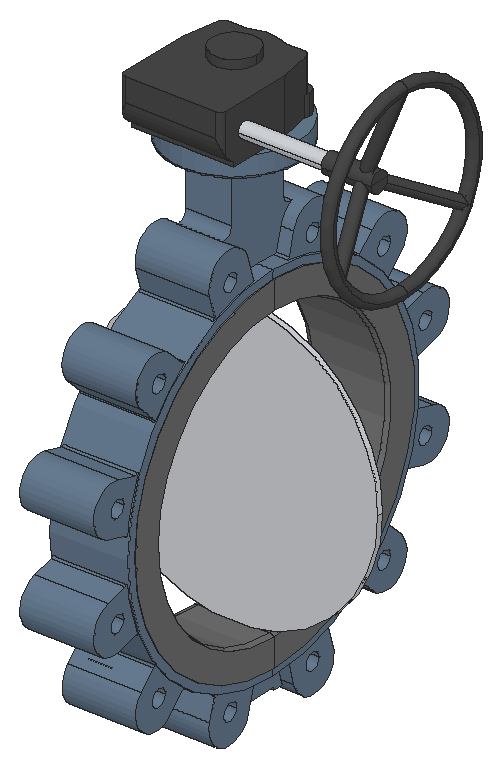
Revit family "Absperr- und Regulierklappe mit Getriebe AF-4219", category Rohrzubehör, Revit 2021 (continued)
Dimensions and locks
  "L01": Revolve 1 sketch curve to plane 3 "Mitte (Links/rechts)"
  "L02": plane 3 "Mitte (Links/rechts)" to Revolve 1 sketch curve  (x2)
  "D05": Revolve 6 sketch curve to plane 2
  "D04": Revolve 6 sketch curve to plane 2  (x2)
  "D02": Revolve 6 sketch curve to plane 2  (x2)
  "L03": plane 3 "Mitte (Links/rechts)" to Revolve 6 sketch curve
  "L02": Revolve 6 sketch curve to plane 3 "Mitte (Links/rechts)"
  "L03": Revolve 6 sketch curve to plane 3 "Mitte (Links/rechts)"
  "L01": plane 3 "Mitte (Links/rechts)" to Revolve 1 sketch curve
  "D02": Revolve 1 sketch curve to plane 2
  "L02": plane 3 "Mitte (Links/rechts)" to Revolve 6 sketch curve
  "D03": plane 2 to Revolve 6 sketch curve
  "L04": Revolve 6 sketch curve to plane 3 "Mitte (Links/rechts)" to Revolve 6 sketch curve
  "L01": curve 2 to plane 3 "Mitte (Links/rechts)" to curve 4
  equal spacing: curve 3, curve 6, curve 1
  equal spacing: curve 2, curve 6, curve 4
  "D01": curve 1 to plane 1 "Mitte (Vorne/hinten)" to curve 3
  "L01": curve 7 to curve 12 to curve 9
  "D01": curve 10 to curve 12 to curve 8
  "R99": radius of Revolve 2 sketch curve
  "D06": radius of Extrusion 7 sketch curve
  radius of curve 6 = 5 mm
  radius of curve 12 = 5 mm
  aligned and locked: level to plane 2
Automatic sketch dimensions
  Extrusion 3 sketch curve to Extrusion 3 sketch curve = 0 mm  (x20)
  Extrusion 3 sketch curve to level = 0 mm
  Extrusion 3 sketch curve to plane 1 "Mitte (Vorne/hinten)" = 0 mm
  plane 1 "Mitte (Vorne/hinten)" to Extrusion 3 sketch curve = 18.495 mm  (x2)
  Extrusion 3 sketch curve to Extrusion 3 sketch curve = 1.414 mm  (x16)
  Extrusion 3 sketch curve to Extrusion 3 sketch curve = 12.265 mm  (x8)
  Extrusion 3 sketch curve to level = 19.909 mm  (x2)
  Extrusion 3 sketch curve to Extrusion 3 sketch curve = 24.042 mm  (x8)
  level to Extrusion 3 sketch curve = 19.909 mm  (x2)
  Extrusion 3 sketch curve to Extrusion 3 sketch curve = 12.021 mm  (x12)
  Extrusion 3 sketch curve to plane 1 "Mitte (Vorne/hinten)" = 18.495 mm  (x2)
  Extrusion 3 sketch curve to Extrusion 3 sketch curve = 0.934 mm  (x4)
  Extrusion 4 sketch curve to level = 0 mm
  Extrusion 4 sketch curve to plane 1 "Mitte (Vorne/hinten)" = 0 mm
  plane 1 "Mitte (Vorne/hinten)" to Extrusion 4 sketch curve = 18.495 mm
  Extrusion 4 sketch curve to Extrusion 4 sketch curve = 1.414 mm  (x4)
  plane 1 "Mitte (Vorne/hinten)" to Extrusion 4 sketch curve = 20 mm
  Extrusion 4 sketch curve to Extrusion 4 sketch curve = 12.265 mm  (x2)
  Extrusion 4 sketch curve to Extrusion 4 sketch curve = 15 mm  (x2)
  Extrusion 4 sketch curve to Extrusion 4 sketch curve = 12.021 mm  (x4)
  Extrusion 4 sketch curve to plane 1 "Mitte (Vorne/hinten)" = 18.495 mm
  Extrusion 4 sketch curve to plane 1 "Mitte (Vorne/hinten)" = 20 mm
  level to Extrusion 4 sketch curve = 43.95 mm
  Extrusion 4 sketch curve to Extrusion 4 sketch curve = 0 mm
  Extrusion 4 sketch curve to Extrusion 4 sketch curve = 0.244 mm  (x2)
  Extrusion 4 sketch curve to Extrusion 4 sketch curve = 18.63 mm  (x2)
  Extrusion 4 sketch curve to Extrusion 4 sketch curve = 0.934 mm
  Extrusion 5 sketch curve to level = 0 mm
  Extrusion 5 sketch curve to plane 1 "Mitte (Vorne/hinten)" = 0 mm
  plane 1 "Mitte (Vorne/hinten)" to Extrusion 5 sketch curve = 15 mm
  Extrusion 5 sketch curve to Extrusion 5 sketch curve = 1.963 mm  (x2)
  Extrusion 5 sketch curve to Extrusion 5 sketch curve = 1.531 mm  (x2)
  Extrusion 5 sketch curve to Extrusion 5 sketch curve = 1.414 mm  (x4)
  Extrusion 5 sketch curve to Extrusion 5 sketch curve = 15.21 mm  (x2)
  Extrusion 5 sketch curve to Extrusion 5 sketch curve = 1.66 mm  (x2)
  Extrusion 5 sketch curve to Extrusion 5 sketch curve = 12.021 mm  (x3)
  Extrusion 5 sketch curve to plane 1 "Mitte (Vorne/hinten)" = 15 mm
  Extrusion 5 sketch curve to Extrusion 5 sketch curve = 1.037 mm  (x2)
  Extrusion 5 sketch curve to Extrusion 5 sketch curve = 1.4 mm  (x2)
  Extrusion 5 sketch curve to Extrusion 5 sketch curve = 1.785 mm  (x2)
  Extrusion 5 sketch curve to Extrusion 5 sketch curve = 12.635 mm  (x2)
  Extrusion 5 sketch curve to Extrusion 5 sketch curve = 0.934 mm
  Extrusion 5 sketch curve to Extrusion 5 sketch curve = 0.788 mm  (x2)
  Extrusion 5 sketch curve to Extrusion 5 sketch curve = 0 mm  (x2)
  Extrusion 4 sketch curve to Extrusion 4 sketch curve = 37.155 mm
  Extrusion 5 sketch curve to level = 43.95 mm
  Extrusion 8 sketch curve to Extrusion 8 sketch curve = 0 mm  (x12)
  Extrusion 8 sketch curve to level = 39.244 mm  (x2)
  plane 1 "Mitte (Vorne/hinten)" to Extrusion 8 sketch curve = 63.286 mm
  level to Extrusion 8 sketch curve = 39.244 mm  (x2)
  Extrusion 8 sketch curve to Extrusion 8 sketch curve = 9.19 mm  (x2)
  level to Extrusion 8 sketch curve = 28.614 mm  (x2)
  Extrusion 8 sketch curve to Extrusion 8 sketch curve = 1.441 mm  (x8)
  Extrusion 8 sketch curve to level = 28.614 mm  (x2)
  Extrusion 8 sketch curve to Extrusion 8 sketch curve = 12.021 mm  (x6)
  level to Extrusion 8 sketch curve = 63.286 mm  (x2)
  Extrusion 8 sketch curve to level = 63.286 mm  (x2)
  level to Extrusion 8 sketch curve = 52.636 mm  (x2)
  Extrusion 8 sketch curve to Extrusion 8 sketch curve = 10.65 mm  (x4)
  Extrusion 8 sketch curve to level = 52.636 mm  (x2)
  Extrusion 8 sketch curve to Extrusion 8 sketch curve = 1.414 mm  (x8)
  level to Extrusion 8 sketch curve = 0.001 mm  (x2)
  Extrusion 8 sketch curve to Extrusion 8 sketch curve = 28.594 mm
  Extrusion 8 sketch curve to level = 0.001 mm  (x2)
  Extrusion 8 sketch curve to Extrusion 8 sketch curve = 0.001 mm  (x2)
  Extrusion 8 sketch curve to Extrusion 8 sketch curve = 54.361 mm  (x2)
  Extrusion 8 sketch curve to Extrusion 8 sketch curve = 1.39 mm  (x2)
  Extrusion 8 sketch curve to Extrusion 8 sketch curve = 10.63 mm  (x2)
  Extrusion 8 sketch curve to Extrusion 8 sketch curve = 1.832 mm  (x2)
  Extrusion 9 sketch curve to Extrusion 9 sketch curve = 0 mm  (x5)
  Extrusion 9 sketch curve to level = 0 mm
  Extrusion 9 sketch curve to level = 51.265 mm
  plane 1 "Mitte (Vorne/hinten)" to Extrusion 9 sketch curve = 51.265 mm
  level to Extrusion 9 sketch curve = 51.265 mm
  Extrusion 9 sketch curve to Extrusion 9 sketch curve = 9.247 mm  (x3)
  Extrusion 9 sketch curve to level = 63.286 mm  (x2)
  Extrusion 9 sketch curve to Extrusion 9 sketch curve = 2.774 mm  (x4)
  level to Extrusion 9 sketch curve = 63.286 mm  (x2)
  Extrusion 9 sketch curve to Extrusion 9 sketch curve = 2.244 mm  (x2)
  Extrusion 9 sketch curve to Extrusion 9 sketch curve = 0.183 mm  (x2)
  level to Extrusion 9 sketch curve = 52.636 mm  (x2)
  Extrusion 9 sketch curve to Extrusion 9 sketch curve = 10.65 mm  (x3)
  Extrusion 9 sketch curve to level = 52.636 mm  (x2)
  Extrusion 9 sketch curve to Extrusion 9 sketch curve = 1.414 mm  (x8)
  Extrusion 9 sketch curve to Extrusion 9 sketch curve = 14.817 mm  (x2)
  Extrusion 9 sketch curve to Extrusion 9 sketch curve = 7.21 mm
  Extrusion 9 sketch curve to Extrusion 9 sketch curve = 1.971 mm
  Extrusion 9 sketch curve to Extrusion 9 sketch curve = 28.595 mm
  Extrusion 9 sketch curve to Extrusion 9 sketch curve = 36 mm
  Extrusion 9 sketch curve to Extrusion 9 sketch curve = 1.997 mm
  Extrusion 9 sketch curve to Extrusion 9 sketch curve = 44 mm
  Extrusion 9 sketch curve to Extrusion 9 sketch curve = 5.181 mm
  Extrusion 9 sketch curve to Extrusion 9 sketch curve = 7.184 mm
  Extrusion 9 sketch curve to Extrusion 9 sketch curve = 12.021 mm  (x2)
  Extrusion 9 sketch curve to Extrusion 9 sketch curve = 14.891 mm
  Extrusion 9 sketch curve to Extrusion 9 sketch curve = 6.473 mm
  Extrusion 9 sketch curve to Extrusion 9 sketch curve = 12.756 mm  (x2)
  Extrusion 9 sketch curve to Extrusion 9 sketch curve = 55.987 mm
  Extrusion 10 sketch curve to Extrusion 10 sketch curve = 0 mm  (x48)
  level to Extrusion 10 sketch curve = 14.909 mm  (x2)
  plane 1 "Mitte (Vorne/hinten)" to Extrusion 10 sketch curve = 80.416 mm
  Extrusion 10 sketch curve to level = 14.909 mm  (x2)
  Extrusion 10 sketch curve to Extrusion 10 sketch curve = 6.506 mm  (x6)
  Extrusion 10 sketch curve to level = 46.321 mm  (x2)
  level to Extrusion 10 sketch curve = 46.321 mm  (x2)
  Extrusion 10 sketch curve to level = 7.243 mm
  Extrusion 10 sketch curve to Extrusion 10 sketch curve = 13.321 mm
  level to Extrusion 10 sketch curve = 7.243 mm
  Extrusion 10 sketch curve to level = 9.076 mm  (x2)
  Extrusion 10 sketch curve to Extrusion 10 sketch curve = 0.759 mm  (x8)
  level to Extrusion 10 sketch curve = 9.076 mm  (x2)
  level to Extrusion 10 sketch curve = 40.487 mm  (x2)
  Extrusion 10 sketch curve to Extrusion 10 sketch curve = 14.082 mm  (x4)
  Extrusion 10 sketch curve to level = 40.487 mm  (x2)
  Extrusion 10 sketch curve to Extrusion 10 sketch curve = 0.758 mm  (x8)
  level to Extrusion 10 sketch curve = 67.405 mm  (x2)
  Extrusion 10 sketch curve to Extrusion 10 sketch curve = 6.243 mm  (x2)
  Extrusion 10 sketch curve to level = 67.405 mm  (x2)
  Extrusion 10 sketch curve to Extrusion 10 sketch curve = 10.245 mm  (x4)
  level to Extrusion 10 sketch curve = 53.322 mm  (x2)
  Extrusion 10 sketch curve to Extrusion 10 sketch curve = 1.831 mm  (x8)
  Extrusion 10 sketch curve to level = 53.322 mm  (x2)
  Extrusion 10 sketch curve to Extrusion 10 sketch curve = 15.706 mm  (x6)
  level to Extrusion 10 sketch curve = 80.416 mm  (x2)
  Extrusion 10 sketch curve to level = 80.416 mm  (x2)
  Extrusion 10 sketch curve to level = 66.335 mm  (x2)
  Extrusion 10 sketch curve to Extrusion 10 sketch curve = 5.832 mm  (x4)
  level to Extrusion 10 sketch curve = 66.335 mm  (x2)
  Extrusion 10 sketch curve to Extrusion 10 sketch curve = 1.833 mm  (x6)
  level to Extrusion 10 sketch curve = 0 mm
  Extrusion 10 sketch curve to Extrusion 10 sketch curve = 14.486 mm  (x2)
  Extrusion 10 sketch curve to Extrusion 10 sketch curve = 9.873 mm  (x2)
  Extrusion 10 sketch curve to Extrusion 10 sketch curve = 5.833 mm  (x2)
  Extrusion 10 sketch curve to Extrusion 10 sketch curve = 13.013 mm
  Extrusion 10 sketch curve to Extrusion 10 sketch curve = 14.081 mm  (x2)
  Extrusion 10 sketch curve to Extrusion 10 sketch curve = 1.973 mm  (x4)
  Extrusion 10 sketch curve to Extrusion 10 sketch curve = 1.544 mm  (x4)
  Extrusion 10 sketch curve to Extrusion 10 sketch curve = 1.243 mm  (x3)
  Extrusion 10 sketch curve to Extrusion 10 sketch curve = 0.211 mm  (x2)
  Extrusion 10 sketch curve to Extrusion 10 sketch curve = 0.002 mm  (x5)
  Extrusion 10 sketch curve to Extrusion 10 sketch curve = 0.213 mm  (x2)
  Extrusion 10 sketch curve to Extrusion 10 sketch curve = 41.076 mm
  Extrusion 10 sketch curve to level = 0 mm
  level to Extrusion 11 sketch curve = 100.814 mm
  plane 1 "Mitte (Vorne/hinten)" to Extrusion 11 sketch curve = 32 mm
  Extrusion 11 sketch curve to Extrusion 11 sketch curve = 1.385 mm
  Extrusion 11 sketch curve to Extrusion 11 sketch curve = 10 mm  (x2)
  Extrusion 11 sketch curve to level = 80.416 mm
  Extrusion 11 sketch curve to Extrusion 11 sketch curve = 15.706 mm  (x3)
  level to Extrusion 11 sketch curve = 80.416 mm  (x2)
  Extrusion 11 sketch curve to Extrusion 11 sketch curve = 1.409 mm
  Extrusion 11 sketch curve to level = 66.335 mm  (x2)
  Extrusion 11 sketch curve to Extrusion 11 sketch curve = 5.832 mm  (x3)
  level to Extrusion 11 sketch curve = 66.335 mm  (x2)
  Extrusion 11 sketch curve to Extrusion 11 sketch curve = 1.833 mm  (x4)
  level to Extrusion 11 sketch curve = 0.554 mm
  Extrusion 11 sketch curve to Extrusion 11 sketch curve = 9.076 mm
  Extrusion 11 sketch curve to level = 0.554 mm
  Extrusion 11 sketch curve to Extrusion 11 sketch curve = 0 mm  (x3)
  Extrusion 11 sketch curve to Extrusion 11 sketch curve = 14.486 mm  (x2)
  Extrusion 11 sketch curve to Extrusion 11 sketch curve = 44 mm
  Extrusion 11 sketch curve to Extrusion 11 sketch curve = 0.759 mm  (x4)
  Extrusion 11 sketch curve to Extrusion 11 sketch curve = 6.506 mm
  Extrusion 11 sketch curve to Extrusion 11 sketch curve = 42.686 mm
  Extrusion 11 sketch curve to level = 80.371 mm
  Extrusion 11 sketch curve to Extrusion 11 sketch curve = 1.39 mm
  Extrusion 11 sketch curve to Extrusion 11 sketch curve = 27 mm
  Extrusion 12 sketch curve to Extrusion 12 sketch curve = 0 mm  (x40)
  Extrusion 12 sketch curve to level = 0 mm
  level to Extrusion 12 sketch curve = 18.736 mm  (x2)
  plane 1 "Mitte (Vorne/hinten)" to Extrusion 12 sketch curve = 89.655 mm
  Extrusion 12 sketch curve to level = 18.736 mm  (x2)
  Extrusion 12 sketch curve to Extrusion 12 sketch curve = 6.506 mm  (x6)
  Extrusion 12 sketch curve to level = 50.147 mm  (x2)
  level to Extrusion 12 sketch curve = 50.147 mm  (x2)
  Extrusion 12 sketch curve to Extrusion 12 sketch curve = 13.415 mm  (x2)
  Extrusion 12 sketch curve to level = 12.858 mm  (x2)
  Extrusion 12 sketch curve to Extrusion 12 sketch curve = 0.776 mm  (x8)
  level to Extrusion 12 sketch curve = 12.858 mm  (x2)
  Extrusion 12 sketch curve to level = 44.269 mm  (x2)
  Extrusion 12 sketch curve to Extrusion 12 sketch curve = 14.192 mm  (x4)
  level to Extrusion 12 sketch curve = 44.269 mm  (x2)
  Extrusion 12 sketch curve to Extrusion 12 sketch curve = 0.775 mm  (x8)
  level to Extrusion 12 sketch curve = 76.644 mm  (x2)
  Extrusion 12 sketch curve to Extrusion 12 sketch curve = 11.529 mm  (x2)
  Extrusion 12 sketch curve to level = 76.644 mm  (x2)
  Extrusion 12 sketch curve to Extrusion 12 sketch curve = 4.008 mm  (x2)
  level to Extrusion 12 sketch curve = 62.451 mm  (x2)
  Extrusion 12 sketch curve to Extrusion 12 sketch curve = 1.871 mm  (x8)
  Extrusion 12 sketch curve to level = 62.451 mm  (x2)
  Extrusion 12 sketch curve to Extrusion 12 sketch curve = 15.706 mm  (x6)
  level to Extrusion 12 sketch curve = 89.655 mm  (x2)
  Extrusion 12 sketch curve to level = 89.655 mm  (x2)
  Extrusion 12 sketch curve to level = 75.464 mm  (x2)
  Extrusion 12 sketch curve to Extrusion 12 sketch curve = 5.878 mm  (x4)
  level to Extrusion 12 sketch curve = 75.464 mm  (x2)
  Extrusion 12 sketch curve to Extrusion 12 sketch curve = 1.873 mm  (x8)
  Extrusion 12 sketch curve to Extrusion 12 sketch curve = 21.969 mm  (x2)
  Extrusion 12 sketch curve to Extrusion 12 sketch curve = 9.827 mm  (x2)
  Extrusion 12 sketch curve to Extrusion 12 sketch curve = 5.879 mm  (x2)
  Extrusion 12 sketch curve to Extrusion 12 sketch curve = 15.537 mm  (x2)
  Extrusion 12 sketch curve to Extrusion 12 sketch curve = 13.013 mm
  Extrusion 12 sketch curve to Extrusion 12 sketch curve = 14.19 mm  (x2)
  Extrusion 12 sketch curve to Extrusion 12 sketch curve = 44.269 mm
  Extrusion 13 sketch curve to Extrusion 13 sketch curve = 0 mm  (x5)
  Extrusion 13 sketch curve to level = 0 mm
  level to Extrusion 13 sketch curve = 114.47 mm
  plane 1 "Mitte (Vorne/hinten)" to Extrusion 13 sketch curve = 41 mm
  Extrusion 13 sketch curve to level = 83.149 mm
  Extrusion 13 sketch curve to Extrusion 13 sketch curve = 6.558 mm  (x2)
  Extrusion 13 sketch curve to Extrusion 13 sketch curve = 15 mm  (x2)
  level to Extrusion 13 sketch curve = 89.655 mm  (x2)
  Extrusion 13 sketch curve to Extrusion 13 sketch curve = 15.706 mm  (x2)
  Extrusion 13 sketch curve to Extrusion 13 sketch curve = 5.236 mm  (x2)
  level to Extrusion 13 sketch curve = 75.464 mm  (x2)
  Extrusion 13 sketch curve to Extrusion 13 sketch curve = 5.878 mm  (x3)
  Extrusion 13 sketch curve to level = 75.464 mm  (x2)
  Extrusion 13 sketch curve to Extrusion 13 sketch curve = 1.873 mm  (x4)
  Extrusion 13 sketch curve to Extrusion 13 sketch curve = 12.858 mm
  Extrusion 13 sketch curve to Extrusion 13 sketch curve = 21.969 mm
  Extrusion 13 sketch curve to Extrusion 13 sketch curve = 3.345 mm
  Extrusion 13 sketch curve to Extrusion 13 sketch curve = 3 mm  (x2)
  Extrusion 13 sketch curve to Extrusion 13 sketch curve = 6.506 mm  (x3)
  Extrusion 13 sketch curve to Extrusion 13 sketch curve = 0.776 mm  (x4)
  Extrusion 13 sketch curve to Extrusion 13 sketch curve = 31.321 mm
  Extrusion 13 sketch curve to Extrusion 13 sketch curve = 52.53 mm
  Extrusion 13 sketch curve to Extrusion 13 sketch curve = 11.129 mm  (x2)
  Extrusion 13 sketch curve to Extrusion 13 sketch curve = 9.812 mm  (x2)
  Extrusion 13 sketch curve to Extrusion 13 sketch curve = 3.078 mm
  Extrusion 13 sketch curve to Extrusion 13 sketch curve = 21.68 mm
  Extrusion 13 sketch curve to Extrusion 13 sketch curve = 2.515 mm
  Extrusion 13 sketch curve to Extrusion 13 sketch curve = 52 mm
  Extrusion 14 sketch curve to Extrusion 14 sketch curve = 0 mm  (x22)
  Extrusion 14 sketch curve to level = 24.476 mm  (x2)
  plane 1 "Mitte (Vorne/hinten)" to Extrusion 14 sketch curve = 103.513 mm
  level to Extrusion 14 sketch curve = 24.476 mm  (x2)
  Extrusion 14 sketch curve to Extrusion 14 sketch curve = 6.506 mm  (x6)
  Extrusion 14 sketch curve to Extrusion 14 sketch curve = 11.623 mm  (x2)
  Extrusion 14 sketch curve to level = 19.351 mm  (x2)
  Extrusion 14 sketch curve to Extrusion 14 sketch curve = 0.749 mm  (x8)
  level to Extrusion 14 sketch curve = 19.351 mm  (x2)
  Extrusion 14 sketch curve to level = 55.888 mm  (x2)
  level to Extrusion 14 sketch curve = 55.888 mm  (x2)
  Extrusion 14 sketch curve to level = 50.783 mm  (x2)
  Extrusion 14 sketch curve to Extrusion 14 sketch curve = 12.323 mm  (x4)
  level to Extrusion 14 sketch curve = 50.783 mm  (x2)
  Extrusion 14 sketch curve to Extrusion 14 sketch curve = 0.774 mm  (x8)
  level to Extrusion 14 sketch curve = 90.502 mm  (x2)
  Extrusion 14 sketch curve to Extrusion 14 sketch curve = 21.517 mm  (x2)
  Extrusion 14 sketch curve to level = 90.502 mm  (x2)
  Extrusion 14 sketch curve to Extrusion 14 sketch curve = 3.235 mm  (x2)
  Extrusion 14 sketch curve to level = 78.179 mm  (x2)
  Extrusion 14 sketch curve to Extrusion 14 sketch curve = 1.869 mm  (x8)
  level to Extrusion 14 sketch curve = 78.179 mm  (x2)
  Extrusion 14 sketch curve to Extrusion 14 sketch curve = 15.706 mm  (x6)
  level to Extrusion 14 sketch curve = 103.513 mm  (x2)
  Extrusion 14 sketch curve to level = 103.513 mm  (x2)
  level to Extrusion 14 sketch curve = 91.141 mm  (x2)
  Extrusion 14 sketch curve to Extrusion 14 sketch curve = 5.125 mm  (x4)
  Extrusion 14 sketch curve to level = 91.141 mm  (x2)
  Extrusion 14 sketch curve to Extrusion 14 sketch curve = 1.809 mm  (x8)
  Extrusion 14 sketch curve to level = 0.103 mm  (x2)
  Extrusion 14 sketch curve to Extrusion 14 sketch curve = 90.896 mm
  level to Extrusion 14 sketch curve = 0.103 mm  (x2)
  Extrusion 14 sketch curve to Extrusion 14 sketch curve = 0.142 mm  (x7)
  Extrusion 14 sketch curve to Extrusion 14 sketch curve = 0.207 mm  (x2)
  Extrusion 14 sketch curve to Extrusion 14 sketch curve = 35.084 mm  (x2)
  Extrusion 14 sketch curve to Extrusion 14 sketch curve = 10.601 mm  (x2)
  Extrusion 14 sketch curve to Extrusion 14 sketch curve = 5.104 mm  (x2)
  Extrusion 14 sketch curve to Extrusion 14 sketch curve = 24.752 mm  (x2)
  Extrusion 14 sketch curve to Extrusion 14 sketch curve = 12.962 mm  (x2)
  Extrusion 14 sketch curve to Extrusion 14 sketch curve = 12.372 mm  (x2)
  Extrusion 14 sketch curve to level = 0.245 mm
  Extrusion 14 sketch curve to Extrusion 14 sketch curve = 1.933 mm  (x2)
  Extrusion 14 sketch curve to Extrusion 14 sketch curve = 0.314 mm  (x2)
  level to Extrusion 15 sketch curve = 97.007 mm
  plane 1 "Mitte (Vorne/hinten)" to Extrusion 15 sketch curve = 40.182 mm
  Extrusion 15 sketch curve to level = 97.007 mm
  Extrusion 15 sketch curve to Extrusion 15 sketch curve = 0 mm  (x7)
  Extrusion 15 sketch curve to Extrusion 15 sketch curve = 4.132 mm
  Extrusion 15 sketch curve to Extrusion 15 sketch curve = 10.048 mm  (x2)
  Extrusion 15 sketch curve to Extrusion 15 sketch curve = 15.706 mm  (x3)
  level to Extrusion 15 sketch curve = 103.513 mm  (x2)
  level to Extrusion 15 sketch curve = 91.141 mm  (x2)
  Extrusion 15 sketch curve to Extrusion 15 sketch curve = 5.125 mm  (x3)
  Extrusion 15 sketch curve to level = 91.141 mm  (x2)
  Extrusion 15 sketch curve to Extrusion 15 sketch curve = 1.809 mm  (x4)
  Extrusion 15 sketch curve to Extrusion 15 sketch curve = 10.974 mm  (x2)
  Extrusion 15 sketch curve to level = 0.111 mm
  Extrusion 15 sketch curve to Extrusion 15 sketch curve = 19.35 mm
  level to Extrusion 15 sketch curve = 0.111 mm
  Extrusion 15 sketch curve to Extrusion 15 sketch curve = 35.081 mm
  Extrusion 15 sketch curve to Extrusion 15 sketch curve = 4.041 mm
  Extrusion 15 sketch curve to level = 103.513 mm
  Extrusion 15 sketch curve to Extrusion 15 sketch curve = 9.998 mm  (x2)
  Extrusion 15 sketch curve to Extrusion 15 sketch curve = 3 mm
  Extrusion 15 sketch curve to Extrusion 15 sketch curve = 6.505 mm  (x2)
  Extrusion 15 sketch curve to Extrusion 15 sketch curve = 0.749 mm  (x4)
  Extrusion 15 sketch curve to Extrusion 15 sketch curve = 20.176 mm  (x2)
  Extrusion 15 sketch curve to Extrusion 15 sketch curve = 62.311 mm
  Extrusion 15 sketch curve to Extrusion 15 sketch curve = 0.048 mm
  Extrusion 15 sketch curve to Extrusion 15 sketch curve = 11.626 mm  (x2)
  Extrusion 15 sketch curve to Extrusion 15 sketch curve = 27 mm
  Extrusion 15 sketch curve to Extrusion 15 sketch curve = 52 mm
  Extrusion 16 sketch curve to Extrusion 16 sketch curve = 0 mm  (x23)
  Extrusion 16 sketch curve to level = 26.521 mm  (x2)
  plane 1 "Mitte (Vorne/hinten)" to Extrusion 16 sketch curve = 118.902 mm
  level to Extrusion 16 sketch curve = 26.521 mm  (x2)
  Extrusion 16 sketch curve to Extrusion 16 sketch curve = 8.036 mm  (x6)
  Extrusion 16 sketch curve to Extrusion 16 sketch curve = 15.875 mm  (x2)
  level to Extrusion 16 sketch curve = 65.323 mm  (x2)
  Extrusion 16 sketch curve to level = 65.323 mm  (x2)
  level to Extrusion 16 sketch curve = 19.621 mm  (x2)
  Extrusion 16 sketch curve to Extrusion 16 sketch curve = 0.782 mm  (x8)
  Extrusion 16 sketch curve to level = 19.621 mm  (x2)
  Extrusion 16 sketch curve to level = 58.409 mm  (x2)
  Extrusion 16 sketch curve to Extrusion 16 sketch curve = 16.693 mm  (x4)
  level to Extrusion 16 sketch curve = 58.409 mm  (x2)
  Extrusion 16 sketch curve to Extrusion 16 sketch curve = 0.763 mm  (x8)
  Extrusion 16 sketch curve to level = 102.829 mm  (x2)
  Extrusion 16 sketch curve to Extrusion 16 sketch curve = 20.05 mm  (x2)
  level to Extrusion 16 sketch curve = 102.829 mm  (x2)
  Extrusion 16 sketch curve to Extrusion 16 sketch curve = 5.074 mm  (x2)
  level to Extrusion 16 sketch curve = 86.136 mm  (x2)
  Extrusion 16 sketch curve to Extrusion 16 sketch curve = 1.841 mm  (x8)
  Extrusion 16 sketch curve to level = 86.136 mm  (x2)
  Extrusion 16 sketch curve to Extrusion 16 sketch curve = 19.401 mm  (x6)
  level to Extrusion 16 sketch curve = 118.902 mm  (x2)
  Extrusion 16 sketch curve to level = 118.902 mm  (x2)
  level to Extrusion 16 sketch curve = 102.246 mm  (x2)
  Extrusion 16 sketch curve to Extrusion 16 sketch curve = 6.899 mm  (x4)
  Extrusion 16 sketch curve to level = 102.246 mm  (x2)
  Extrusion 16 sketch curve to Extrusion 16 sketch curve = 1.887 mm  (x8)
  level to Extrusion 16 sketch curve = 0.002 mm  (x2)
  Extrusion 16 sketch curve to Extrusion 16 sketch curve = 86.133 mm
  Extrusion 16 sketch curve to level = 0.002 mm
  Extrusion 16 sketch curve to Extrusion 16 sketch curve = 0.001 mm  (x8)
  Extrusion 16 sketch curve to Extrusion 16 sketch curve = 35.469 mm  (x2)
  Extrusion 16 sketch curve to Extrusion 16 sketch curve = 12.487 mm  (x2)
  Extrusion 16 sketch curve to Extrusion 16 sketch curve = 6.914 mm  (x2)
  Extrusion 16 sketch curve to Extrusion 16 sketch curve = 25.124 mm  (x2)
  Extrusion 16 sketch curve to Extrusion 16 sketch curve = 16.11 mm
  Extrusion 16 sketch curve to Extrusion 16 sketch curve = 16.656 mm  (x2)
  Extrusion 16 sketch curve to level = 0.003 mm
  Extrusion 16 sketch curve to Extrusion 16 sketch curve = 2.019 mm  (x2)
  Extrusion 16 sketch curve to Extrusion 16 sketch curve = 0.309 mm  (x2)
  Extrusion 16 sketch curve to Extrusion 16 sketch curve = 0.004 mm  (x2)
  Extrusion 17 sketch curve to Extrusion 17 sketch curve = 0 mm  (x7)
  Extrusion 17 sketch curve to level = 0 mm
  Extrusion 17 sketch curve to plane 1 "Mitte (Vorne/hinten)" = 0 mm
  plane 1 "Mitte (Vorne/hinten)" to Extrusion 17 sketch curve = 13.5 mm
  plane 1 "Mitte (Vorne/hinten)" to Extrusion 17 sketch curve = 17.734 mm  (x2)
  Extrusion 17 sketch curve to Extrusion 17 sketch curve = 1.887 mm  (x4)
  plane 1 "Mitte (Vorne/hinten)" to Extrusion 17 sketch curve = 26 mm
  Extrusion 17 sketch curve to Extrusion 17 sketch curve = 0.521 mm
  Extrusion 17 sketch curve to Extrusion 17 sketch curve = 13.021 mm  (x2)
  Extrusion 17 sketch curve to Extrusion 17 sketch curve = 4.341 mm  (x2)
  Extrusion 17 sketch curve to Extrusion 17 sketch curve = 10 mm  (x2)
  Extrusion 17 sketch curve to Extrusion 17 sketch curve = 19.401 mm  (x4)
  Extrusion 17 sketch curve to plane 1 "Mitte (Vorne/hinten)" = 13.5 mm
  Extrusion 17 sketch curve to plane 1 "Mitte (Vorne/hinten)" = 17.734 mm  (x2)
  Extrusion 17 sketch curve to Extrusion 17 sketch curve = 6.899 mm
  Extrusion 17 sketch curve to level = 102.246 mm
  Extrusion 17 sketch curve to Extrusion 17 sketch curve = 0.782 mm  (x4)
  Extrusion 17 sketch curve to Extrusion 17 sketch curve = 8.62 mm  (x4)
  Extrusion 17 sketch curve to Extrusion 17 sketch curve = 16.656 mm  (x4)
  Extrusion 17 sketch curve to Extrusion 17 sketch curve = 3 mm
  level to Extrusion 17 sketch curve = 102.246 mm
  Extrusion 17 sketch curve to Extrusion 17 sketch curve = 16.098 mm  (x2)
  Extrusion 17 sketch curve to Extrusion 17 sketch curve = 64 mm
  Extrusion 17 sketch curve to Extrusion 17 sketch curve = 4.938 mm
  Extrusion 18 sketch curve to Extrusion 18 sketch curve = 0 mm  (x62)
  Extrusion 18 sketch curve to level = 0 mm
  Extrusion 18 sketch curve to level = 17.891 mm  (x2)
  plane 1 "Mitte (Vorne/hinten)" to Extrusion 18 sketch curve = 147.909 mm
  level to Extrusion 18 sketch curve = 17.891 mm  (x2)
  Extrusion 18 sketch curve to Extrusion 18 sketch curve = 5.435 mm  (x6)
  Extrusion 18 sketch curve to level = 58.46 mm  (x2)
  level to Extrusion 18 sketch curve = 58.46 mm  (x2)
  Extrusion 18 sketch curve to Extrusion 18 sketch curve = 15.462 mm  (x2)
  level to Extrusion 18 sketch curve = 13.612 mm  (x2)
  Extrusion 18 sketch curve to Extrusion 18 sketch curve = 0.509 mm  (x8)
  Extrusion 18 sketch curve to level = 13.612 mm  (x2)
  Extrusion 18 sketch curve to level = 54.199 mm  (x2)
  Extrusion 18 sketch curve to Extrusion 18 sketch curve = 15.903 mm  (x4)
  level to Extrusion 18 sketch curve = 54.199 mm  (x2)
  Extrusion 18 sketch curve to Extrusion 18 sketch curve = 0.53 mm  (x8)
  Extrusion 18 sketch curve to level = 89.449 mm  (x2)
  Extrusion 18 sketch curve to Extrusion 18 sketch curve = 1.459 mm  (x2)
  level to Extrusion 18 sketch curve = 89.449 mm  (x2)
  Extrusion 18 sketch curve to Extrusion 18 sketch curve = 10.302 mm  (x2)
  Extrusion 18 sketch curve to level = 77.758 mm  (x2)
  Extrusion 18 sketch curve to Extrusion 18 sketch curve = 1.389 mm  (x8)
  level to Extrusion 18 sketch curve = 77.758 mm  (x2)
  Extrusion 18 sketch curve to Extrusion 18 sketch curve = 14.849 mm  (x6)
  Extrusion 18 sketch curve to level = 119.147 mm  (x2)
  level to Extrusion 18 sketch curve = 119.147 mm  (x2)
  level to Extrusion 18 sketch curve = 107.506 mm  (x2)
  Extrusion 18 sketch curve to Extrusion 18 sketch curve = 11.642 mm  (x4)
  Extrusion 18 sketch curve to level = 107.506 mm  (x2)
  Extrusion 18 sketch curve to Extrusion 18 sketch curve = 1.448 mm  (x8)
  level to Extrusion 18 sketch curve = 137.039 mm  (x2)
  Extrusion 18 sketch curve to Extrusion 18 sketch curve = 17.899 mm  (x2)
  Extrusion 18 sketch curve to level = 137.039 mm  (x2)
  Extrusion 18 sketch curve to Extrusion 18 sketch curve = 2.283 mm  (x2)
  Extrusion 18 sketch curve to level = 121.136 mm  (x2)
  Extrusion 18 sketch curve to Extrusion 18 sketch curve = 1.978 mm  (x8)
  level to Extrusion 18 sketch curve = 121.136 mm  (x2)
  Extrusion 18 sketch curve to Extrusion 18 sketch curve = 20.284 mm  (x6)
  Extrusion 18 sketch curve to level = 147.909 mm  (x2)
  level to Extrusion 18 sketch curve = 147.909 mm  (x2)
  level to Extrusion 18 sketch curve = 131.939 mm  (x2)
  Extrusion 18 sketch curve to Extrusion 18 sketch curve = 4.279 mm  (x4)
  Extrusion 18 sketch curve to level = 131.939 mm  (x2)
  Extrusion 18 sketch curve to Extrusion 18 sketch curve = 1.898 mm  (x8)
  Extrusion 18 sketch curve to Extrusion 18 sketch curve = 13.612 mm
  Extrusion 18 sketch curve to Extrusion 18 sketch curve = 23.429 mm  (x2)
  Extrusion 18 sketch curve to Extrusion 18 sketch curve = 16.023 mm  (x2)
  Extrusion 18 sketch curve to Extrusion 18 sketch curve = 4.261 mm  (x2)
  Extrusion 18 sketch curve to Extrusion 18 sketch curve = 20.183 mm  (x2)
  Extrusion 18 sketch curve to Extrusion 18 sketch curve = 3.158 mm  (x2)
  Extrusion 18 sketch curve to Extrusion 18 sketch curve = 11.691 mm  (x2)
  Extrusion 18 sketch curve to Extrusion 18 sketch curve = 11.76 mm  (x2)
  Extrusion 18 sketch curve to Extrusion 18 sketch curve = 10.803 mm
  Extrusion 18 sketch curve to Extrusion 18 sketch curve = 15.97 mm  (x2)
  Extrusion 19 sketch curve to Extrusion 19 sketch curve = 0 mm  (x5)
  Extrusion 19 sketch curve to level = 0 mm
  Extrusion 19 sketch curve to level = 142.474 mm
  plane 1 "Mitte (Vorne/hinten)" to Extrusion 19 sketch curve = 38.176 mm
  level to Extrusion 19 sketch curve = 142.474 mm
  Extrusion 19 sketch curve to Extrusion 19 sketch curve = 8.163 mm
  Extrusion 19 sketch curve to Extrusion 19 sketch curve = 2.013 mm  (x2)
  Extrusion 19 sketch curve to level = 147.909 mm
  Extrusion 19 sketch curve to Extrusion 19 sketch curve = 20.284 mm  (x3)
  level to Extrusion 19 sketch curve = 147.909 mm  (x2)
  Extrusion 19 sketch curve to Extrusion 19 sketch curve = 10.109 mm
  Extrusion 19 sketch curve to level = 131.939 mm  (x2)
  Extrusion 19 sketch curve to Extrusion 19 sketch curve = 4.279 mm  (x4)
  level to Extrusion 19 sketch curve = 131.939 mm  (x2)
  Extrusion 19 sketch curve to Extrusion 19 sketch curve = 1.898 mm  (x4)
  Extrusion 19 sketch curve to Extrusion 19 sketch curve = 13.612 mm
  Extrusion 19 sketch curve to Extrusion 19 sketch curve = 23.429 mm  (x2)
  Extrusion 19 sketch curve to Extrusion 19 sketch curve = 56 mm
  Extrusion 19 sketch curve to Extrusion 19 sketch curve = 5.435 mm  (x2)
  Extrusion 19 sketch curve to Extrusion 19 sketch curve = 0.509 mm  (x4)
  Extrusion 19 sketch curve to Extrusion 19 sketch curve = 16.081 mm  (x2)
  Extrusion 19 sketch curve to Extrusion 19 sketch curve = 66.01 mm
  Extrusion 19 sketch curve to Extrusion 19 sketch curve = 1.832 mm  (x2)
  Extrusion 19 sketch curve to Extrusion 19 sketch curve = 0.173 mm
  Extrusion 20 sketch curve to level = 22.097 mm  (x2)
  plane 1 "Mitte (Vorne/hinten)" to Extrusion 20 sketch curve = 177.618 mm
  level to Extrusion 20 sketch curve = 22.097 mm  (x2)
  Extrusion 20 sketch curve to Extrusion 20 sketch curve = 0 mm  (x17)
  Extrusion 20 sketch curve to Extrusion 20 sketch curve = 6.47 mm  (x4)
  Extrusion 20 sketch curve to Extrusion 20 sketch curve = 2.415 mm  (x8)
  level to Extrusion 20 sketch curve = 70.393 mm  (x2)
  Extrusion 20 sketch curve to level = 70.393 mm  (x2)
  Extrusion 20 sketch curve to Extrusion 20 sketch curve = 18.556 mm  (x2)
  Extrusion 20 sketch curve to level = 16.983 mm  (x2)
  Extrusion 20 sketch curve to Extrusion 20 sketch curve = 0.529 mm  (x16)
  level to Extrusion 20 sketch curve = 16.983 mm  (x2)
  level to Extrusion 20 sketch curve = 65.28 mm  (x2)
  Extrusion 20 sketch curve to Extrusion 20 sketch curve = 19.085 mm  (x6)
  Extrusion 20 sketch curve to level = 65.28 mm  (x2)
  Extrusion 20 sketch curve to level = 107.956 mm  (x2)
  Extrusion 20 sketch curve to Extrusion 20 sketch curve = 2.085 mm  (x2)
  level to Extrusion 20 sketch curve = 107.956 mm  (x2)
  Extrusion 20 sketch curve to Extrusion 20 sketch curve = 12.527 mm  (x2)
  level to Extrusion 20 sketch curve = 93.984 mm  (x2)
  Extrusion 20 sketch curve to Extrusion 20 sketch curve = 1.445 mm  (x16)
  Extrusion 20 sketch curve to level = 93.984 mm  (x2)
  Extrusion 20 sketch curve to Extrusion 20 sketch curve = 17.678 mm  (x4)
  Extrusion 20 sketch curve to Extrusion 20 sketch curve = 1.768 mm  (x8)
  level to Extrusion 20 sketch curve = 143.311 mm  (x2)
  Extrusion 20 sketch curve to level = 143.311 mm  (x2)
  Extrusion 20 sketch curve to level = 129.34 mm  (x2)
  Extrusion 20 sketch curve to Extrusion 20 sketch curve = 13.971 mm  (x6)
  level to Extrusion 20 sketch curve = 129.34 mm  (x2)
  level to Extrusion 20 sketch curve = 164.981 mm  (x2)
  Extrusion 20 sketch curve to Extrusion 20 sketch curve = 22.118 mm  (x2)
  Extrusion 20 sketch curve to level = 164.981 mm  (x2)
  Extrusion 20 sketch curve to Extrusion 20 sketch curve = 3.14 mm  (x2)
  level to Extrusion 20 sketch curve = 145.897 mm  (x2)
  Extrusion 20 sketch curve to Extrusion 20 sketch curve = 1.974 mm  (x8)
  Extrusion 20 sketch curve to level = 145.897 mm  (x2)
  Extrusion 20 sketch curve to Extrusion 20 sketch curve = 24.148 mm  (x4)
  Extrusion 20 sketch curve to Extrusion 20 sketch curve = 0.647 mm  (x8)
  level to Extrusion 20 sketch curve = 177.922 mm  (x2)
  Extrusion 20 sketch curve to level = 177.922 mm  (x2)
  level to Extrusion 20 sketch curve = 158.837 mm  (x2)
  Extrusion 20 sketch curve to Extrusion 20 sketch curve = 5.114 mm  (x6)
  Extrusion 20 sketch curve to level = 158.837 mm  (x2)
  Extrusion 20 sketch curve to Extrusion 20 sketch curve = 1.973 mm  (x8)
  Extrusion 20 sketch curve to level = 0.226 mm  (x2)
  Extrusion 20 sketch curve to Extrusion 20 sketch curve = 158.098 mm
  level to Extrusion 20 sketch curve = 0.226 mm
  level to Extrusion 20 sketch curve = 0.072 mm
  Extrusion 20 sketch curve to Extrusion 20 sketch curve = 0.128 mm  (x3)
  Extrusion 20 sketch curve to level = 0.072 mm
  Extrusion 20 sketch curve to Extrusion 20 sketch curve = 0.061 mm  (x4)
  Extrusion 20 sketch curve to level = 0.036 mm  (x2)
  Extrusion 20 sketch curve to Extrusion 20 sketch curve = 0.324 mm
  Extrusion 20 sketch curve to Extrusion 20 sketch curve = 29.244 mm  (x2)
  Extrusion 20 sketch curve to Extrusion 20 sketch curve = 23.501 mm  (x2)
  Extrusion 20 sketch curve to Extrusion 20 sketch curve = 19.681 mm  (x2)
  Extrusion 20 sketch curve to Extrusion 20 sketch curve = 25.258 mm  (x2)
  Extrusion 20 sketch curve to Extrusion 20 sketch curve = 15.91 mm  (x2)
  Extrusion 20 sketch curve to Extrusion 20 sketch curve = 5.474 mm  (x2)
  Extrusion 20 sketch curve to Extrusion 20 sketch curve = 14.612 mm  (x2)
  Extrusion 20 sketch curve to Extrusion 20 sketch curve = 12.94 mm
  Extrusion 20 sketch curve to Extrusion 20 sketch curve = 4.056 mm  (x2)
  Extrusion 20 sketch curve to Extrusion 20 sketch curve = 0.035 mm  (x2)
  level to Extrusion 20 sketch curve = 0.036 mm  (x2)
  Extrusion 20 sketch curve to Extrusion 20 sketch curve = 0.154 mm
  Extrusion 20 sketch curve to Extrusion 20 sketch curve = 2.037 mm  (x4)
  Extrusion 20 sketch curve to Extrusion 20 sketch curve = 1.856 mm  (x4)
  Extrusion 20 sketch curve to Extrusion 20 sketch curve = 1.841 mm  (x4)
  Extrusion 20 sketch curve to Extrusion 20 sketch curve = 1.179 mm  (x4)
  Extrusion 20 sketch curve to Extrusion 20 sketch curve = 0.856 mm  (x4)
  Extrusion 20 sketch curve to Extrusion 20 sketch curve = 0.153 mm  (x4)
  level to Extrusion 21 sketch curve = 171.452 mm
  plane 1 "Mitte (Vorne/hinten)" to Extrusion 21 sketch curve = 45.94 mm
  Extrusion 21 sketch curve to level = 171.452 mm
  Extrusion 21 sketch curve to Extrusion 21 sketch curve = 0 mm  (x2)
  Extrusion 21 sketch curve to Extrusion 21 sketch curve = 6.907 mm
  Extrusion 21 sketch curve to Extrusion 21 sketch curve = 11.901 mm
  Extrusion 21 sketch curve to Extrusion 21 sketch curve = 1.957 mm  (x2)
  Extrusion 21 sketch curve to level = 177.922 mm  (x2)
  Extrusion 21 sketch curve to Extrusion 21 sketch curve = 17.241 mm
  level to Extrusion 21 sketch curve = 177.922 mm  (x2)
  Extrusion 21 sketch curve to Extrusion 21 sketch curve = 10.291 mm  (x2)
  Extrusion 21 sketch curve to Extrusion 21 sketch curve = 0.709 mm  (x2)
  level to Extrusion 21 sketch curve = 158.808 mm  (x2)
  Extrusion 21 sketch curve to Extrusion 21 sketch curve = 5.122 mm  (x3)
  Extrusion 21 sketch curve to level = 158.808 mm  (x2)
  Extrusion 21 sketch curve to Extrusion 21 sketch curve = 1.932 mm  (x4)
  level to Extrusion 21 sketch curve = 0.021 mm
  Extrusion 21 sketch curve to Extrusion 21 sketch curve = 16.588 mm
  Extrusion 21 sketch curve to Extrusion 21 sketch curve = 29.311 mm  (x2)
  Extrusion 21 sketch curve to Extrusion 21 sketch curve = 24.148 mm
  Extrusion 21 sketch curve to Extrusion 21 sketch curve = 17.557 mm
  Extrusion 21 sketch curve to Extrusion 21 sketch curve = 3 mm
  Extrusion 21 sketch curve to Extrusion 21 sketch curve = 6.47 mm  (x2)
  Extrusion 21 sketch curve to Extrusion 21 sketch curve = 0.518 mm  (x4)
  Extrusion 21 sketch curve to level = 0.021 mm
  Extrusion 21 sketch curve to Extrusion 21 sketch curve = 17.717 mm  (x2)
  Extrusion 21 sketch curve to Extrusion 21 sketch curve = 67.361 mm
  Extrusion 21 sketch curve to Extrusion 21 sketch curve = 0.12 mm  (x2)
  Extrusion 21 sketch curve to Extrusion 21 sketch curve = 17.951 mm
  Extrusion 21 sketch curve to Extrusion 21 sketch curve = 6.344 mm
  level to Extrusion 22 sketch curve = 28.91 mm  (x2)
  plane 1 "Mitte (Vorne/hinten)" to Extrusion 22 sketch curve = 204.485 mm
  Extrusion 22 sketch curve to level = 28.91 mm  (x2)
  Extrusion 22 sketch curve to Extrusion 22 sketch curve = 0 mm  (x9)
  Extrusion 22 sketch curve to Extrusion 22 sketch curve = 6.47 mm  (x4)
  Extrusion 22 sketch curve to Extrusion 22 sketch curve = 4.83 mm  (x8)
  Extrusion 22 sketch curve to level = 77.206 mm  (x2)
  level to Extrusion 22 sketch curve = 77.206 mm  (x2)
  Extrusion 22 sketch curve to Extrusion 22 sketch curve = 20.758 mm  (x2)
  level to Extrusion 22 sketch curve = 23.212 mm  (x2)
  Extrusion 22 sketch curve to Extrusion 22 sketch curve = 0.507 mm  (x8)
  Extrusion 22 sketch curve to level = 23.212 mm  (x2)
  Extrusion 22 sketch curve to level = 71.52 mm  (x2)
  Extrusion 22 sketch curve to Extrusion 22 sketch curve = 21.221 mm  (x4)
  level to Extrusion 22 sketch curve = 71.52 mm  (x2)
  Extrusion 22 sketch curve to Extrusion 22 sketch curve = 0.521 mm  (x8)
  level to Extrusion 22 sketch curve = 127.279 mm  (x2)
  Extrusion 22 sketch curve to Extrusion 22 sketch curve = 7.168 mm  (x2)
  Extrusion 22 sketch curve to level = 127.279 mm  (x2)
  Extrusion 22 sketch curve to Extrusion 22 sketch curve = 14.182 mm  (x2)
  Extrusion 22 sketch curve to level = 111.712 mm  (x2)
  Extrusion 22 sketch curve to Extrusion 22 sketch curve = 1.386 mm  (x8)
  level to Extrusion 22 sketch curve = 111.712 mm  (x2)
  Extrusion 22 sketch curve to Extrusion 22 sketch curve = 17.678 mm  (x4)
  Extrusion 22 sketch curve to Extrusion 22 sketch curve = 3.536 mm  (x8)
  level to Extrusion 22 sketch curve = 162.635 mm  (x2)
  Extrusion 22 sketch curve to level = 162.635 mm  (x2)
  Extrusion 22 sketch curve to level = 147.1 mm  (x2)
  Extrusion 22 sketch curve to Extrusion 22 sketch curve = 15.535 mm  (x4)
  level to Extrusion 22 sketch curve = 147.1 mm  (x2)
  Extrusion 22 sketch curve to Extrusion 22 sketch curve = 1.423 mm  (x8)
  level to Extrusion 22 sketch curve = 191.544 mm  (x2)
  Extrusion 22 sketch curve to Extrusion 22 sketch curve = 33.115 mm  (x2)
  Extrusion 22 sketch curve to level = 191.544 mm  (x2)
  Extrusion 22 sketch curve to Extrusion 22 sketch curve = 3.742 mm  (x2)
  Extrusion 22 sketch curve to level = 170.323 mm  (x2)
  Extrusion 22 sketch curve to Extrusion 22 sketch curve = 1.944 mm  (x8)
  level to Extrusion 22 sketch curve = 170.323 mm  (x2)
  Extrusion 22 sketch curve to Extrusion 22 sketch curve = 24.148 mm  (x4)
  Extrusion 22 sketch curve to Extrusion 22 sketch curve = 1.294 mm  (x8)
  Extrusion 22 sketch curve to level = 204.485 mm  (x2)
  level to Extrusion 22 sketch curve = 204.485 mm  (x2)
  level to Extrusion 22 sketch curve = 183.22 mm  (x2)
  Extrusion 22 sketch curve to Extrusion 22 sketch curve = 5.698 mm  (x4)
  Extrusion 22 sketch curve to level = 183.22 mm  (x2)
  Extrusion 22 sketch curve to Extrusion 22 sketch curve = 1.893 mm  (x8)
  Extrusion 22 sketch curve to level = 0.029 mm
  Extrusion 22 sketch curve to Extrusion 22 sketch curve = 147.001 mm
  level to Extrusion 22 sketch curve = 0.029 mm  (x2)
  Extrusion 22 sketch curve to Extrusion 22 sketch curve = 0.008 mm  (x4)
  Extrusion 22 sketch curve to Extrusion 22 sketch curve = 0.029 mm  (x4)
  Extrusion 22 sketch curve to Extrusion 22 sketch curve = 0.057 mm  (x4)
  Extrusion 22 sketch curve to Extrusion 22 sketch curve = 42.638 mm  (x2)
  Extrusion 22 sketch curve to Extrusion 22 sketch curve = 22.854 mm  (x2)
  Extrusion 22 sketch curve to Extrusion 22 sketch curve = 19.756 mm  (x2)
  Extrusion 22 sketch curve to Extrusion 22 sketch curve = 5.686 mm  (x2)
  Extrusion 22 sketch curve to Extrusion 22 sketch curve = 36.857 mm  (x2)
  Extrusion 22 sketch curve to Extrusion 22 sketch curve = 14.142 mm  (x2)
  Extrusion 22 sketch curve to Extrusion 22 sketch curve = 5.646 mm  (x2)
  Extrusion 22 sketch curve to Extrusion 22 sketch curve = 15.567 mm  (x2)
  Extrusion 22 sketch curve to Extrusion 22 sketch curve = 21.349 mm  (x2)
  Extrusion 22 sketch curve to Extrusion 22 sketch curve = 12.897 mm
  Extrusion 22 sketch curve to Extrusion 22 sketch curve = 1.641 mm  (x2)
  Extrusion 22 sketch curve to Extrusion 22 sketch curve = 21.266 mm  (x2)
  Extrusion 22 sketch curve to level = 0.066 mm
  Extrusion 22 sketch curve to Extrusion 22 sketch curve = 0.037 mm
  Extrusion 22 sketch curve to Extrusion 22 sketch curve = 0.014 mm  (x4)
  Extrusion 22 sketch curve to Extrusion 22 sketch curve = 0.023 mm  (x3)
  Extrusion 22 sketch curve to Extrusion 22 sketch curve = 1.959 mm  (x2)
  Extrusion 22 sketch curve to Extrusion 22 sketch curve = 1.725 mm  (x2)
  Extrusion 23 sketch curve to Extrusion 23 sketch curve = 0 mm  (x4)
  Extrusion 23 sketch curve to level = 0 mm
  level to Extrusion 23 sketch curve = 198.015 mm
  plane 1 "Mitte (Vorne/hinten)" to Extrusion 23 sketch curve = 53.058 mm
  Extrusion 23 sketch curve to Extrusion 23 sketch curve = 11.058 mm
  Extrusion 23 sketch curve to Extrusion 23 sketch curve = 10 mm  (x2)
  Extrusion 23 sketch curve to Extrusion 23 sketch curve = 21.696 mm
  Extrusion 23 sketch curve to level = 204.485 mm
  Extrusion 23 sketch curve to Extrusion 23 sketch curve = 2.452 mm  (x2)
  level to Extrusion 23 sketch curve = 204.485 mm  (x2)
  Extrusion 23 sketch curve to Extrusion 23 sketch curve = 24.148 mm  (x3)
  Extrusion 23 sketch curve to level = 183.22 mm  (x2)
  Extrusion 23 sketch curve to Extrusion 23 sketch curve = 5.698 mm  (x3)
  level to Extrusion 23 sketch curve = 183.22 mm  (x2)
  Extrusion 23 sketch curve to Extrusion 23 sketch curve = 1.893 mm  (x4)
  Extrusion 23 sketch curve to Extrusion 23 sketch curve = 7.91 mm  (x2)
  Extrusion 23 sketch curve to Extrusion 23 sketch curve = 23.212 mm
  Extrusion 23 sketch curve to Extrusion 23 sketch curve = 42 mm
  Extrusion 23 sketch curve to Extrusion 23 sketch curve = 42.638 mm
  Extrusion 23 sketch curve to Extrusion 23 sketch curve = 0.319 mm
  Extrusion 23 sketch curve to Extrusion 23 sketch curve = 64 mm
  Extrusion 23 sketch curve to Extrusion 23 sketch curve = 2.951 mm
  Extrusion 23 sketch curve to Extrusion 23 sketch curve = 3 mm  (x2)
  Extrusion 23 sketch curve to Extrusion 23 sketch curve = 12.421 mm
  Extrusion 23 sketch curve to Extrusion 23 sketch curve = 0.507 mm  (x4)
  Extrusion 23 sketch curve to Extrusion 23 sketch curve = 6.47 mm
  Extrusion 23 sketch curve to Extrusion 23 sketch curve = 26.515 mm  (x2)
  Extrusion 23 sketch curve to Extrusion 23 sketch curve = 57 mm
  Extrusion 23 sketch curve to Extrusion 23 sketch curve = 0.014 mm  (x2)
  curve 12 to level = 0 mm
  curve 12 to plane 3 "Mitte (Links/rechts)" = 0 mm
  Revolve 1 sketch curve to level = 0 mm
  Revolve 1 sketch curve to Revolve 1 sketch curve = 1330.49 mm
  Revolve 1 sketch curve to Revolve 1 sketch curve = 1877.483 mm
  Revolve 2 sketch curve to plane 3 "Mitte (Links/rechts)" = 0 mm  (x2)
  Revolve 2 sketch curve to Revolve 2 sketch curve = 0.333 mm
  Revolve 2 sketch curve to level = 366.045 mm
  Revolve 2 sketch curve to Revolve 2 sketch curve = 2089.315 mm
  Revolve 6 sketch curve to level = 0 mm
  Revolve 6 sketch curve to Revolve 6 sketch curve = 1463.783 mm
  Revolve 6 sketch curve to Revolve 6 sketch curve = 1741.775 mm
  Extrusion 7 sketch curve to level = 0 mm
  Extrusion 7 sketch curve to plane 3 "Mitte (Links/rechts)" = 0 mm
  radius of Extrusion 3 sketch curve = 6.92 mm  (x4)
  radius of Extrusion 8 sketch curve = 6.92 mm  (x4)
  radius of Extrusion 10 sketch curve = 6.92 mm  (x8)
  radius of Extrusion 12 sketch curve = 6.92 mm  (x8)
  radius of Extrusion 14 sketch curve = 6.92 mm  (x8)
  radius of Extrusion 16 sketch curve = 8.645 mm  (x8)
  radius of Extrusion 18 sketch curve = 8.645 mm  (x12)
  radius of Extrusion 20 sketch curve = 8.645 mm  (x12)
  radius of Extrusion 22 sketch curve = 8.645 mm  (x12)
Nested families
  nested 1: "Herz-Logo-vorne" at (-15, 0, 92), visible <- "DN50", type "Herz-Logo-vorne", detail levels fine
  nested 2: "Herz-Logo-vorne" at (-18, 0, 116.5), visible <- "DN65", type "Herz-Logo-vorne", detail levels fine
  nested 3: "Herz-Logo-vorne" at (-18.5, 0, 123.5), visible <- "DN80", type "Herz-Logo-vorne", detail levels fine
  nested 4: "Herz-Logo-vorne" at (-18, 0, 147), visible <- "DN100", type "Herz-Logo-vorne", detail levels fine
  nested 5: "Herz-Logo-vorne" at (-18, 0, 166), visible <- "DN125", type "Herz-Logo-vorne", detail levels fine
  nested 6: "Herz-Logo-vorne" at (-18, 0, 179), visible <- "DN150", type "Herz-Logo-vorne", detail levels fine
  nested 7: "Herz-Logo-vorne" at (-20, 0, 210), visible <- "DN200", type "Herz-Logo-vorne", detail levels fine
  nested 8: "Herz-Logo-vorne" at (-23, 0, 243), visible <- "DN250", type "Herz-Logo-vorne", detail levels fine
  nested 9: "Herz-Logo-vorne" at (-23, 0, 268), visible <- "DN300", type "Herz-Logo-vorne", detail levels fine
  nested 10: "Getriebe für Klappe DN50-DN200" at (0, 0, 125), visible <- "DN50", type "Getriebe für Klappe DN50-DN200"
  nested 11: "Getriebe für Klappe DN50-DN200" at (0, 0, 149.5), visible <- "DN65", type "Getriebe für Klappe DN50-DN200"
  nested 12: "Getriebe für Klappe DN50-DN200" at (0, 0, 156.5), visible <- "DN80", type "Getriebe für Klappe DN50-DN200"
  nested 13: "Getriebe für Klappe DN50-DN200" at (0, 0, 182), visible <- "DN100", type "Getriebe für Klappe DN50-DN200"
  nested 14: "Getriebe für Klappe DN50-DN200" at (0, 0, 201), visible <- "DN125", type "Getriebe für Klappe DN50-DN200"
  nested 15: "Getriebe für Klappe DN50-DN200" at (0, 0, 214), visible <- "DN150", type "Getriebe für Klappe DN50-DN200"
  nested 16: "Getriebe für Klappe DN50-DN200" at (0, 0, 245), visible <- "DN200", type "Getriebe für Klappe DN50-DN200"
  nested 17: "Getriebe für Klappe DN250-DN300" at (0, 0, 283), visible <- "DN250", type "Getriebe für Klappe DN250-DN300"
  nested 18: "Getriebe für Klappe DN250-DN300" at (0, 0, 308), visible <- "DN300", type "Getriebe für Klappe DN250-DN300"
Connectors
  piping at (-40.5, 0, 0), diameter 300, driven by "Nennweite"
    settings: on Revolve 6, index 1, connector inside diameter 609.6 mm, connector length 0 mm, flow factor 0, pipe flow 0.0 L/s, pressure drop 0.0 Pa, fitting loss kfactor 0, connector angle 0.00°, fixture units 0, engagement length 0 mm, angle of deflection 0.00°, flow configuration 0, flow direction 0, fitting loss method 0, system type 29, joint type 0, gender type 0, connector reference index -1, connector utility 0, adjustable connector no, is connector primary yes, connector description ""
  piping at (40.5, 0, 0), diameter 300, driven by "Nennweite"
    settings: on Revolve 6, index 2, connector inside diameter 609.6 mm, connector length 0 mm, flow factor 0, pipe flow 0.0 L/s, pressure drop 0.0 Pa, fitting loss kfactor 0, connector angle 0.00°, fixture units 0, engagement length 0 mm, angle of deflection 0.00°, flow configuration 0, flow direction 0, fitting loss method 0, system type 29, joint type 0, gender type 0, connector reference index -1, connector utility 0, adjustable connector no, is connector primary no, connector description ""
Definition of nested family "Herz-Logo-vorne"
  Parameters (values of type "Herz-Logo-vorne")
    Default Elevation = 0 mm
  Reference planes
    plane 1 "Mitte (Vorne/hinten)": y = 0
    plane 2: z = 0
    plane 3 "Mitte (Links/rechts)": x = 0
  Forms (mm)
    Extrusion 1, solid
      sketch origin (0.732, -0.018, 0.017) x (0, -1, 0) y (0, 0, 1)
        loop
          line (-0.018, -4.517) -> (4.482, -4.517) -> (4.482, 4.483) -> (-4.518, 4.483) -> (-4.518, -4.517) -> (-0.018, -4.517)
        loop
          line (-0.05, -3.48) -> (3.482, -3.48) -> (3.482, 3.483) -> (-3.518, 3.483) -> (-3.518, -3.48) -> (-0.05, -3.48)
        loop
          arc (-0.018, 2.383) -> (-1.543, 3.287) -> (-3.067, 2.383) r 1.738
          arc (-3.067, 2.383) -> (-3.191, 1.899) -> (-3.067, 1.415) r 1.009
          line (-3.067, 1.415) -> (-0.018, -3.281) -> (3.032, 1.415)
          arc (3.032, 1.415) -> (3.156, 1.899) -> (3.032, 2.383) r 1.009
          arc (3.032, 2.383) -> (1.507, 3.287) -> (-0.018, 2.383) r 1.738
        loop
          arc (1.885, 1.272) -> (2.005, 1.675) -> (1.885, 2.079) r 0.74
          arc (1.885, 2.079) -> (1.265, 2.416) -> (0.644, 2.079) r 0.74
          line (0.644, 2.079) -> (-0.018, 0.97) -> (-0.679, 2.079)
          arc (-0.679, 2.079) -> (-1.3, 2.416) -> (-1.921, 2.079) r 0.74
          arc (-1.921, 2.079) -> (-2.04, 1.675) -> (-1.921, 1.272) r 0.74
          line (-1.921, 1.272) -> (-0.018, -1.658) -> (1.885, 1.272)
      from 0 to 1.5
  Dimensions and locks
    aligned and locked: level to plane 2
Definition of nested family "Getriebe für Klappe DN50-DN200"
  Parameters (values of type "Getriebe für Klappe DN50-DN200")
    W01 = 11.19°  # constant formula
    Default Elevation = 0 mm
    URL = "www.herz-armaturen.at"
    R07 = 92 mm  # constant formula
    R06 = 6 mm  # constant formula
    R05 = 10 mm  # constant formula
    R04 = 7.5 mm  # constant formula
    R03 = 10.5 mm  # constant formula
    R02 = 5.4 mm  # constant formula
    R01 = 44.9 mm  # constant formula
    M01 = 37 mm  # constant formula
    L03 = 52 mm  # constant formula
    L02 = 39.6 mm  # constant formula
    L01 = 80 mm  # constant formula
    Manufacturer = "Herz-Armaturen GmbH"  # constant formula
    H03 = 28.6 mm  # constant formula
    H02 = 20 mm  # constant formula
    H01 = 54 mm  # constant formula
    B05 = 209 mm  # constant formula
    B04 = 22 mm  # constant formula
    B03 = 50 mm  # constant formula
    B02 = 159 mm  # constant formula
    B01 = 51 mm  # constant formula
    A01 = 28.6 mm  # constant formula
  Reference planes
    plane 1 "Mitte (Vorne/hinten)": y = 0
    plane 2: z = 0
    plane 3 "Mitte (Links/rechts)": x = 0
  Forms (mm)
    Extrusion 1, solid, detail levels fine
      sketch origin (0, 0, 0) x (1, 0, 0) y (0, 1, 0)
        loop
          line (51, 0) -> (43.999, 35.392)
          arc (43.999, 35.392) -> (42.103, 38.419) -> (38.732, 39.6) r 5.4
          line (38.732, 39.6) -> (20.252, 39.6)
          arc (20.252, 39.6) -> (0, 44.427) -> (-20.252, 39.6) r 44.9
          line (-20.252, 39.6) -> (-38.732, 39.6)
          arc (-38.732, 39.6) -> (-42.103, 38.419) -> (-43.999, 35.392) r 5.4
          line (-43.999, 35.392) -> (-51, 0) -> (-51, -74.6)
          arc (-51, -74.6) -> (-49.418, -78.418) -> (-45.6, -80) r 5.4
          line (-45.6, -80) -> (45.6, -80)
          arc (45.6, -80) -> (49.418, -78.418) -> (51, -74.6) r 5.4
          line (51, -74.6) -> (51, 0)
      from 0 to 54
    Extrusion 2, solid, detail levels fine
      sketch origin (0, 0, 0) x (1, 0, 0) y (0, 1, 0)
        loop
          circle (-35.7, 37) r 10.5
        loop
          circle (35.7, 37) r 10.5
      from 0 to 20
    Extrusion 3, void
      sketch origin (0, 0, 0) x (0, 1, 0) y (0, 0, 1)
        loop
          line (-80, 0) -> (-64.573, 0) -> (-64.573, 4.9)
          arc (-64.573, 4.9) -> (-75.841, 15.433) -> (-80, 30.286) r 28.6
          line (-80, 30.286) -> (-80, 0)
      from -51 to 51
    Revolve 4, solid, detail levels fine
      sketch origin (0, 0, 28.6) x (1, 0, 0) y (0, 1, 0)
        loop
          line (0, -52) -> (0, -59.5) -> (159, -59.5) -> (159, -52) -> (0, -52)
        axis (0, -52) -> (159, -52)
      angle from 0 to 360
    Extrusion 5, solid, detail levels fine
      sketch origin (0, 0, 0) x (1, 0, 0) y (0, 1, 0)
        loop
          circle (0, 0) r 22.3
      from 54 to 63
    Revolve 6, solid, detail levels fine
      sketch origin (0, -52, 28.6) x (1, 0, 0) y (0, 0, 1)
        loop
          circle (209, 92) r 6
        axis (203, 0) -> (215, 0)
      angle from 0 to 360
    Revolve 7, solid, detail levels fine
      sketch origin (0, -52, 0) x (1, 0, 0) y (0, 0, 1)
        loop
          line (209, 120.6) -> (172, 28.6) -> (177.567, 26.361) -> (214.567, 118.361) -> (209, 120.6)
        axis (172, 28.6) -> (209, 120.6)
      angle from 0 to 360
    Revolve 8, solid, detail levels fine
      sketch origin (0, 0, 28.6) x (1, 0, 0) y (0, 1, 0)
        loop
          line (137, -59.5) -> (137, -62) -> (187, -62) -> (187, -52) -> (159, -52) -> (159, -59.5) -> (137, -59.5)
        axis (137, -52) -> (187, -52)
      angle from 0 to 360
    Revolve 9, solid, detail levels fine
      sketch origin (0, -27.232, 42.9) x (1, 0, 0) y (0, -0.866025, -0.5)
        loop
          line (209, 120.6) -> (172, 28.6) -> (177.567, 26.361) -> (214.567, 118.361) -> (209, 120.6)
        axis (172, 28.6) -> (209, 120.6)
      angle from 0 to 360
    Revolve 10, solid, detail levels fine
      sketch origin (0, -76.768, 42.9) x (1, 0, 0) y (0, 0.866025, -0.5)
        loop
          line (209, 120.6) -> (172, 28.6) -> (177.567, 26.361) -> (214.567, 118.361) -> (209, 120.6)
        axis (172, 28.6) -> (209, 120.6)
      angle from 0 to 360
  Cuts and joins
    Extrusion 3 cuts Extrusion 1
  Dimensions and locks
    "B01": Extrusion 1 sketch curve to plane 3 "Mitte (Links/rechts)"
    "B01": plane 3 "Mitte (Links/rechts)" to Extrusion 1 sketch curve
    "L02": plane 1 "Mitte (Vorne/hinten)" to Extrusion 1 sketch curve  (x2)
    "L01": Extrusion 1 sketch curve to plane 1 "Mitte (Vorne/hinten)"
    "M01": plane 1 "Mitte (Vorne/hinten)" to Extrusion 2 sketch curve  (x2)
    "H01": Extrusion 1 to plane 2
    "H02": Extrusion 2 to plane 2
    "L03": Revolve 4 sketch curve to plane 1 "Mitte (Vorne/hinten)"
    "R04": Revolve 4 sketch curve to Revolve 4 sketch curve
    "B02": Revolve 4 sketch curve to Revolve 4 sketch curve
    "H03": Revolve 8 to plane 2
    "H03": Revolve 4 to plane 2
    "L03": Revolve 8 sketch curve to plane 1 "Mitte (Vorne/hinten)"
    "B02": plane 3 "Mitte (Links/rechts)" to Revolve 8 sketch curve
    "R05": Revolve 8 sketch curve to Revolve 8 sketch curve
    "B03": Revolve 8 sketch curve to Revolve 8 sketch curve
    "B04": Revolve 8 sketch curve to Revolve 8 sketch curve
    "R04": Revolve 8 sketch curve to Revolve 8 sketch curve
